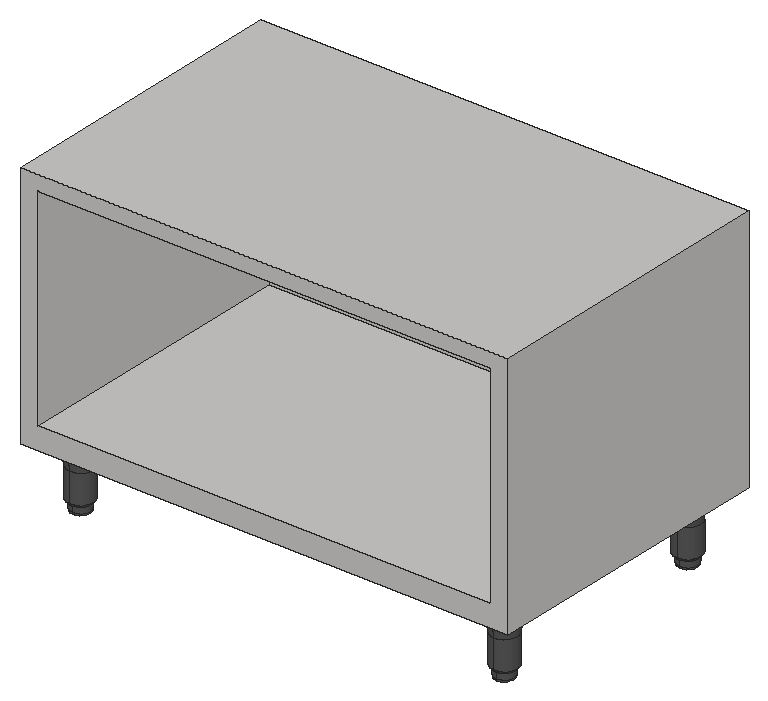
Revit family "QF_CAPIC_AVEN_W543024", category Equipement spécialisé, Revit 2018
Family settings
  Cote de connecteur circulaire = Utiliser le diamètre
  Type d'élément = Normal
  Numéro OmniClass = 23.40.40.14
  Titre OmniClass = Food Service Equipment
  Basée sur le plan de construction = Non
  Toujours verticalement = Oui
  Couper avec des vides une fois chargée = Non
  Partagée = Non
  Point de calcul de pièce = Non
Parameters (values of type "1000 mm")
  URL catalogue = "http://www.capic-fr.com/fr/"
  Type de Raccord Plomberie [instance] = ""
  Type de Raccord Electrique [instance] = ""
  Type de Gaz = ""
  Type article [instance] = ""
  Tension = 0 V
  Spécification du Fabricant = ""
  Show Logo = yes
  Remarques evacuation [instance] = ""
  Remarques Plomberie [instance] = ""
  Remarques Electricité [instance] = ""
  Puissance électrique  = 0 W
  Puissance Gaz kW = 0
  Profondeur hors tout = 648 mm
  Pression Maximum Eau Adoucie = 0.0 Pa
  Poids net à vide = 40.00 kg
  Phase = 0
  Modèle = "W543024"
  Longueur hors tout = 1000 mm
  Intensité nominale = 0 A
  Hauteur hors tout = 638 mm
  Hauteur de Raccordement du Sol Finis = 0 mm
  Hauteur de Raccordement Gaz du Sol Finis = 0 mm
  Hauteur de Raccordement Evacuation Directe du Sol Finis = 0 mm
  Hauteur de Raccordement Eau Froide du Sol Finis = 0 mm
  Hauteur de Raccordement Eau Chaude du Sol Finis = 0 mm
  Hauteur de Raccordement Eau Adoucie du Sol Finis = 0 mm
  Fréquence = 0 Hz
  Fabricant = "CAPIC"
  Etagere intermédiaire (option) [instance] = no
  Débit d'air d'extraction = 0.0 m³/h
  Débit Gaz = 0.0 L/s
  Débit Eau Froide = 0.0 L/s
  Débit Eau Chaude = 0.0 L/s
  Débit Eau Adoucie = 0.0 L/s
  Diamètre de Raccordement Gaz = 0 mm
  Diamètre de Raccordement Evacuation = 0 mm
  Diamètre de Raccordement Eau Froide = 0 mm
  Diamètre de Raccordement Eau Chaude = 0 mm
  Diamètre de Raccordement Eau Adoucie = 0 mm
  Description = "Placard ouvert"
  Assembly Code = ""
  Classification  Omniclass nombre et titre = "23.40.40.14"
Reference planes
  plane 1 "Centre (avant/arrière)": y = 0
  plane 2: z = 0
  plane 3 "Centre (gauche/droite)": x = 0
  plane 4: x = 1000
  plane 5: y = -662
  plane 6: y = -45
  plane 7: x = 25
  plane 8: x = 975
  plane 9: y = -69
  plane 10: y = -539
  plane 11: x = 35
  plane 12: x = 965
Forms (mm)
  Extrusion 1, solid, material "QF_Stainless Steel-Brushed"
    sketch origin (0, 0, 0) x (1, 0, 0) y (0, 1, 0)
      loop
        line (0, -45) -> (0, -662) -> (1000, -662) -> (1000, -45) -> (0, -45)
    from 130 to 638
  Extrusion 2, void
    sketch origin (0, 0, 0) x (1, 0, 0) y (0, 1, 0)
      loop
        line (35, -69) -> (35, -662) -> (965, -662) -> (965, -69) -> (35, -69)
    from 175 to 608
  Extrusion 3, solid, material "QF_Stainless Steel-Brushed", visible <- "Etagere intermédiaire (option)"
    sketch origin (0, 0, 0) x (1, 0, 0) y (0, 1, 0)
      loop
        line (35, -69) -> (35, -662) -> (965, -662) -> (965, -69) -> (35, -69)
    from 370 to 400
Cuts and joins
  Extrusion 2 cuts Extrusion 1
Dimensions and locks
  "Longueur hors tout": plane 3 "Centre (gauche/droite)" to plane 4
  plane 5 to plane 6 to plane 1 "Centre (avant/arrière)" = 617 mm locked, 45 mm locked
  plane 6 to plane 9 to plane 10 = 24 mm locked, 470 mm locked
  locked: plane 3 "Centre (gauche/droite)" to plane 7 at 25
  locked: plane 8 to plane 4 at 25
  locked: plane 3 "Centre (gauche/droite)" to plane 11 at 35
  locked: plane 12 to plane 4 at 35
  aligned and locked: level to plane 2
  aligned and locked: plane 9 to nested 1
  aligned and locked: nested 1 to plane 7
  aligned and locked: plane 10 to nested 2
  aligned and locked: nested 2 to plane 7
  aligned and locked: plane 8 to nested 3
  aligned and locked: nested 3 to plane 9
  aligned and locked: plane 8 to nested 4
  aligned and locked: nested 4 to plane 10
  aligned and locked: Extrusion 2 sketch curve to plane 9
  aligned and locked: plane 11 to Extrusion 2 sketch curve
  aligned and locked: plane 5 to Extrusion 2 sketch curve
  aligned and locked: Extrusion 2 sketch curve to plane 12
Automatic sketch dimensions
  Extrusion 1 sketch curve to plane 3 "Centre (gauche/droite)" = 0 mm
  Extrusion 1 sketch curve to plane 4 = 0 mm
  Extrusion 1 sketch curve to plane 5 = 0 mm
  Extrusion 1 sketch curve to plane 6 = 0 mm
  Extrusion 3 sketch curve to plane 5 = 0 mm
  Extrusion 3 sketch curve to plane 11 = 0 mm
  Extrusion 3 sketch curve to plane 12 = 0 mm
  Extrusion 3 sketch curve to plane 9 = 0 mm
Nested families
  nested 1: "QF_Details_Pied" at (13.5, -119, 0) x (0, -1, 0) z (0, 0, 1), type "QF_Details_Pied"
  nested 2: "QF_Details_Pied" at (13.5, -589, 0) x (0, -1, 0) z (0, 0, 1), type "QF_Details_Pied"
  nested 3: "QF_Details_Pied" at (883.5, -119, 0) x (0, -1, 0) z (0, 0, 1), type "QF_Details_Pied"
  nested 4: "QF_Details_Pied" at (883.5, -589, 0) x (0, -1, 0) z (0, 0, 1), type "QF_Details_Pied"
Definition of nested family "QF_Details_Pied"
  Reference planes
    plane 1 "Centre (avant/arrière)": y = 0
    plane 2: z = 0
    plane 3 "Centre (gauche/droite)": x = 0
  Forms (mm)
    Extrusion 1, solid
      sketch origin (-137.492, 51.5, -340.756) x (1, 0, 0) y (0, 0, 1)
        loop
          line (87.492, 481.756) -> (87.492, 472.756) -> (187.492, 472.756) -> (187.492, 481.756) -> (87.492, 481.756)
      from -40 to 40
    Revolve 2, solid
      sketch origin (0, 51.5, -9) x (1, 0, 0) y (0, 0, 1)
        loop
          line (0, 141) -> (0, 9) -> (19.21, 9) -> (19.21, 13) -> (20.21, 13) -> (20.21, 26) -> (21.71, 26) -> (26.66, 30.95) -> (26.66, 90.95) -> (31.468, 136.698) -> (36.246, 141) -> (0, 141)
        axis (0, 141) -> (0, 9)
      angle from 0 to 360
  Dimensions and locks
    aligned and locked: level to plane 2
    aligned and locked: Extrusion 1 to Revolve 2 sketch curve
